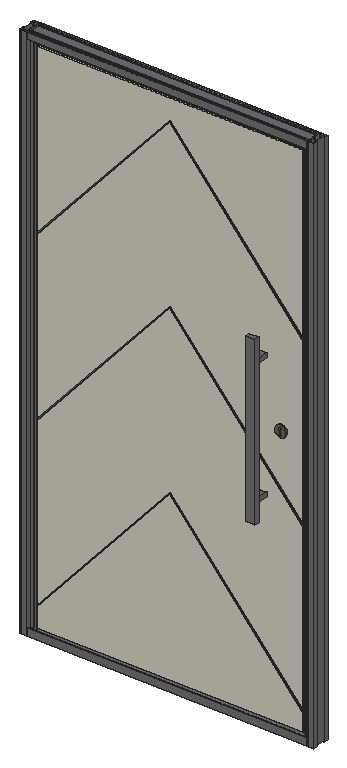
Revit family "YC1324P C1 CHAM LH", category Doors, host Wall, Revit 2024
Family settings
  Host = Wall
  OmniClass Number = 23.30.10.00
  OmniClass Title = Doors
  Always vertical = Yes
  Cut with Voids When Loaded = No
  Shared = No
  Room Calculation Point = No
Parameters
  Function = Interior
  Frame Projection Ext. = 25 mm
  Frame Projection Int. = 25 mm
  Frame Width = 75 mm
  Height = 2380 mm
  Wall Closure = By host
  Width = 1290 mm
  Analytic Construction = "<None>"
Reference planes
  plane 1: y = 0
  plane 2 "Center (Left/Right)": x = 0
  plane 3 "Left": x = -645
  plane 4 "Right": x = 645
  plane 5: z = 2380
  plane 6 "Exterior": y = 75
  plane 7 "Interior": y = -75
  plane 8: z = 33.5
Forms (mm)
  Sweep 1, solid, material "ALUMINIUM CHAR (TEST)"
    path origin (0, 75, 0) x (-1, 0, 0) y (0, 0, -1)
      loop
        line (-601.2, -30) -> (-601.2, -2335) -> (600, -2335) -> (600, -30)
    profile origin (0.6, 75, 2335) x (0, 0, -1) y (0, -1, 0)
      loop
        line (-15, 55) -> (-15, 53) -> (0.5, 53)
        arc (0.5, 53) -> (1.207, 53.293) -> (1.5, 54) r 1
        line (1.5, 54) -> (1.5, 56.1) -> (0.5, 56.1) -> (0.5, 55) -> (-1, 55) -> (-1, 59.5) -> (0.5, 59.5) -> (0.5, 58.369) -> (1.5, 58.369) -> (1.5, 91.631) -> (0.5, 91.631) -> (0.5, 90.5) -> (-1, 90.5) -> (-1, 95) -> (0.5, 95) -> (0.5, 93.9) -> (1.5, 93.9) -> (1.5, 96)
        arc (1.5, 96) -> (1.207, 96.707) -> (0.5, 97) r 1
        line (0.5, 97) -> (-15, 97) -> (-15, 95) -> (-2.8, 95) -> (-2.8, 88.5) -> (-0.5, 88.5) -> (-0.5, 61.5) -> (-2.8, 61.5) -> (-2.8, 55) -> (-15, 55)
  Extrusion 2, solid, material "ALUMINIUM CHAR (TEST)"
    sketch origin (0, 0, 0) x (0, 1, 0) y (0, 0, -1)
      loop
        line (37.5, -2380) -> (37.5, -2350) -> (7.651, -2350) -> (-4.189, -2350) -> (-37.5, -2350) -> (-37.5, -2380) -> (-22, -2380) -> (-22, -2378.5) -> (-24.5, -2378.5) -> (-24.5, -2375.5) -> (24.5, -2375.5) -> (24.5, -2378.5) -> (22, -2378.5) -> (22, -2380) -> (37.5, -2380)
      loop
        line (32.168, -2378.2) -> (35.6, -2378.2) -> (35.6, -2351.8) -> (32.168, -2351.8) -> (30.896, -2353.072) -> (29.5, -2351.676) -> (28, -2353.176) -> (26.624, -2351.8) -> (-19.438, -2351.8) -> (-26.624, -2351.8) -> (-28, -2353.176) -> (-29.5, -2351.676) -> (-30.896, -2353.072) -> (-32.168, -2351.8) -> (-35.6, -2351.8) -> (-35.6, -2378.2) -> (-32.168, -2378.2) -> (-30.896, -2376.928) -> (-29.5, -2378.324) -> (-28, -2376.824) -> (-26.3, -2378.524) -> (-26.3, -2375.8)
        arc (-26.3, -2375.8) -> (-25.685, -2374.315) -> (-24.2, -2373.7) r 2.1
        line (-24.2, -2373.7) -> (24.2, -2373.7)
        arc (24.2, -2373.7) -> (25.685, -2374.315) -> (26.3, -2375.8) r 2.1
        line (26.3, -2375.8) -> (26.3, -2378.524) -> (28, -2376.824) -> (29.5, -2378.324) -> (30.896, -2376.928) -> (32.168, -2378.2)
      loop
        line (37.5, 0) -> (22, 0) -> (22, -1.5) -> (24.5, -1.5) -> (24.5, -4.5) -> (-24.5, -4.5) -> (-24.5, -1.5) -> (-22, -1.5) -> (-22, 0) -> (-37.5, 0) -> (-37.5, -30) -> (-4.189, -30) -> (7.651, -30) -> (37.5, -30) -> (37.5, 0)
      loop
        line (32.168, -1.8) -> (30.896, -3.072) -> (29.5, -1.676) -> (28, -3.176) -> (26.3, -1.476) -> (26.3, -4.2)
        arc (26.3, -4.2) -> (25.685, -5.685) -> (24.2, -6.3) r 2.1
        line (24.2, -6.3) -> (-24.2, -6.3)
        arc (-24.2, -6.3) -> (-25.685, -5.685) -> (-26.3, -4.2) r 2.1
        line (-26.3, -4.2) -> (-26.3, -1.476) -> (-28, -3.176) -> (-29.5, -1.676) -> (-30.896, -3.072) -> (-32.168, -1.8) -> (-35.6, -1.8) -> (-35.6, -28.2) -> (-32.168, -28.2) -> (-30.896, -26.928) -> (-29.5, -28.324) -> (-28, -26.824) -> (-26.624, -28.2) -> (-19.438, -28.2) -> (26.624, -28.2) -> (28, -26.824) -> (29.5, -28.324) -> (30.896, -26.928) -> (32.168, -28.2) -> (35.6, -28.2) -> (35.6, -1.8) -> (32.168, -1.8)
    from -615 to 615
  Extrusion 3, solid, material "ALUMINIUM CHAR (TEST)"
    sketch origin (0, 0, 30) x (-1, 0, 0) y (0, -1, 0)
      loop
        line (598.5, -21) -> (598.5, 23.179)
        arc (598.5, 23.179) -> (598.26, 23.76) -> (597.679, 24) r 0.821
        line (597.679, 24) -> (584.5, 24)
        arc (584.5, 24) -> (583.5, 23) -> (584.5, 22) r 1
        line (584.5, 22) -> (595.679, 22)
        arc (595.679, 22) -> (596.26, 21.76) -> (596.5, 21.179) r 0.821
        line (596.5, 21.179) -> (596.5, -21)
        arc (596.5, -21) -> (597.5, -22) -> (598.5, -21) r 1
      loop
        line (-599.7, 21) -> (-599.7, -23.179)
        arc (-599.7, -23.179) -> (-599.459, -23.76) -> (-598.879, -24) r 0.821
        line (-598.879, -24) -> (-585.7, -24)
        arc (-585.7, -24) -> (-584.7, -23) -> (-585.7, -22) r 1
        line (-585.7, -22) -> (-596.879, -22)
        arc (-596.879, -22) -> (-597.459, -21.76) -> (-597.7, -21.179) r 0.821
        line (-597.7, -21.179) -> (-597.7, 21)
        arc (-597.7, 21) -> (-598.7, 22) -> (-599.7, 21) r 1
    from 0 to 2304.5
  Extrusion 4, solid, material "ALUMINIUM CHAR (TEST)"
    sketch origin (25, 22, 130) x (-1, 0, 0) y (0, 0, -1)
      loop
        line (620, -2199) -> (620, 94) -> (608, 94) -> (608, -2199) -> (620, -2199)
      loop
        line (-570, -2199) -> (-558, -2199) -> (-558, 94) -> (-570, 94) -> (-570, -2199)
    from 0 to 44
  Extrusion 5, solid, material "ALUMINIUM (CHAMPAGNE TEST)"
    sketch origin (25, 22, 130) x (-1, 0, 0) y (0, 0, -1)
      loop
        line (608, -2199) -> (608, 94) -> (-558, 94) -> (-558, -2199) -> (608, -2199)
    from 0 to 4
  Extrusion 6, solid, material "ALUMINIUM (CHAMPAGNE TEST)"
    sketch origin (25, -22, 130) x (-1, 0, 0) y (0, 0, 1)
      loop
        line (608, 2199) -> (-558, 2199) -> (-558, -94) -> (608, -94) -> (608, 2199)
    from 0 to 4
  Extrusion 7, solid, material "ALUMINIUM CHAR (TEST)"
    sketch origin (0, 0, 0) x (0, -1, 0) y (-1, 0, 0)
      loop
        line (-37.5, -645) -> (-22, -645) -> (-22, -643.5) -> (-24.5, -643.5) -> (-24.5, -640.5) -> (24.5, -640.5) -> (24.5, -643.5) -> (22, -643.5) -> (22, -645) -> (37.5, -645) -> (37.5, -615) -> (17, -615) -> (17, -615.993) -> (18.496, -616.394) -> (18.496, -617.6) -> (0.254, -617.6) -> (0.254, -616.306) -> (3, -616.066) -> (3, -615) -> (-37.5, -615) -> (-37.5, -645)
      loop
        line (-26.624, -616.8) -> (-28, -618.176) -> (-29.5, -616.676) -> (-30.896, -618.072) -> (-32.168, -616.8) -> (-35.6, -616.8) -> (-35.6, -643.2) -> (-32.168, -643.2) -> (-30.896, -641.928) -> (-29.5, -643.324) -> (-28, -641.824) -> (-26.3, -643.524) -> (-26.3, -640.8)
        arc (-26.3, -640.8) -> (-25.685, -639.315) -> (-24.2, -638.7) r 2.1
        line (-24.2, -638.7) -> (24.2, -638.7)
        arc (24.2, -638.7) -> (25.685, -639.315) -> (26.3, -640.8) r 2.1
        line (26.3, -640.8) -> (26.3, -643.524) -> (28, -641.824) -> (29.5, -643.324) -> (30.896, -641.928) -> (32.168, -643.2) -> (35.6, -643.2) -> (35.6, -616.8) -> (32.168, -616.8) -> (30.896, -618.072) -> (29.5, -616.676) -> (28, -618.176) -> (26.624, -616.8) -> (20.239, -616.8)
        arc (20.239, -616.8) -> (19.852, -618.596) -> (18.2, -619.4) r 2.1
        line (18.2, -619.4) -> (0.55, -619.4)
        arc (0.55, -619.4) -> (-1.102, -618.596) -> (-1.49, -616.8) r 2.1
        line (-1.49, -616.8) -> (-26.624, -616.8)
      loop
        line (-37.5, 645) -> (-37.5, 615) -> (3, 615) -> (3, 616.066) -> (0.254, 616.306) -> (0.254, 617.6) -> (18.496, 617.6) -> (18.496, 616.394) -> (17, 615.993) -> (17, 615) -> (37.5, 615) -> (37.5, 645) -> (22, 645) -> (22, 643.5) -> (24.5, 643.5) -> (24.5, 640.5) -> (-24.5, 640.5) -> (-24.5, 643.5) -> (-22, 643.5) -> (-22, 645) -> (-37.5, 645)
      loop
        line (-26.624, 616.8) -> (-1.49, 616.8)
        arc (-1.49, 616.8) -> (-1.102, 618.596) -> (0.55, 619.4) r 2.1
        line (0.55, 619.4) -> (18.2, 619.4)
        arc (18.2, 619.4) -> (19.852, 618.596) -> (20.239, 616.8) r 2.1
        line (20.239, 616.8) -> (26.624, 616.8) -> (28, 618.176) -> (29.5, 616.676) -> (30.896, 618.072) -> (32.168, 616.8) -> (35.6, 616.8) -> (35.6, 643.2) -> (32.168, 643.2) -> (30.896, 641.928) -> (29.5, 643.324) -> (28, 641.824) -> (26.3, 643.524) -> (26.3, 640.8)
        arc (26.3, 640.8) -> (25.685, 639.315) -> (24.2, 638.7) r 2.1
        line (24.2, 638.7) -> (-24.2, 638.7)
        arc (-24.2, 638.7) -> (-25.685, 639.315) -> (-26.3, 640.8) r 2.1
        line (-26.3, 640.8) -> (-26.3, 643.524) -> (-28, 641.824) -> (-29.5, 643.324) -> (-30.896, 641.928) -> (-32.168, 643.2) -> (-35.6, 643.2) -> (-35.6, 616.8) -> (-32.168, 616.8) -> (-30.896, 618.072) -> (-29.5, 616.676) -> (-28, 618.176) -> (-26.624, 616.8)
    from -2380 to 0
  Extrusion 8, solid, material "ALUMINIUM BLACK (TEST)"
    sketch origin (-405.722, 27.873, 54.377) x (-1, 0, 0) y (0, 0, -1)
      loop
        circle (-896.954, -1135.623) r 25
    from 0 to 5
  Extrusion 9, solid, material "ALUMINIUM BLACK (TEST)"
    sketch origin (-405.722, -27.873, 54.377) x (-1, 0, 0) y (0, 0, 1)
      loop
        circle (-896.954, 1135.623) r 25
    from 0 to 5
  Extrusion 10, void
    sketch origin (-140.5, 67.873, 54.377) x (-1, 0, 0) y (0, 0, -1)
      loop
        line (-634.732, -1122.18) -> (-634.732, -1136.773)
        arc (-634.732, -1136.773) -> (-631.732, -1150.865) -> (-628.732, -1136.773) r 7.365
        line (-628.732, -1136.773) -> (-628.732, -1122.18)
        arc (-628.732, -1122.18) -> (-631.732, -1119.18) -> (-634.732, -1122.18) r 3
    from 40 to 45
  Extrusion 11, void
    sketch origin (-140.5, -67.873, 54.377) x (-1, 0, 0) y (0, 0, 1)
      loop
        arc (-634.732, 1122.18) -> (-631.732, 1119.18) -> (-628.732, 1122.18) r 3
        line (-628.732, 1122.18) -> (-628.732, 1136.773)
        arc (-628.732, 1136.773) -> (-631.732, 1150.865) -> (-634.732, 1136.773) r 7.365
        line (-634.732, 1136.773) -> (-634.732, 1122.18)
    from 40 to 45
  Extrusion 12, solid, material "ALUMINIUM BLACK (TEST)"
    sketch origin (1029.106, 22.873, 455.989) x (0.515678, 0, 0.856782) y (-0.856782, 0, 0.515678)
      loop
        line (-1114.914, 1210.54) -> (-1120.038, 1207.456) -> (-264.202, 1042.111) -> (-518.757, 208.448) -> (-513.633, 211.532) -> (-259.078, 1045.195) -> (-1114.914, 1210.54)
      loop
        line (-486.892, 1588.532) -> (-492.016, 1585.448) -> (363.819, 1420.104) -> (109.265, 586.44) -> (114.389, 589.524) -> (368.943, 1423.188) -> (-486.892, 1588.532)
      loop
        line (141.129, 1966.524) -> (136.005, 1963.44) -> (991.84, 1798.096) -> (737.286, 964.432) -> (742.41, 967.516) -> (996.964, 1801.18) -> (141.129, 1966.524)
    from 0 to 0.873
  Extrusion 13, solid, material "ALUMINIUM CHAR (TEST)"
    sketch origin (1264.348, 72.873, -150) x (1, 0, 0) y (0, 0, 1)
      loop
        line (-878.538, 1625) -> (-878.538, 1605) -> (-838.538, 1605) -> (-838.538, 1625) -> (-878.538, 1625)
      loop
        line (-878.538, 1055) -> (-838.538, 1055) -> (-838.538, 1075) -> (-878.538, 1075) -> (-878.538, 1055)
    from 5 to 50
  Extrusion 14, solid, material "ALUMINIUM CHAR (TEST)"
    sketch origin (1264.348, -72.873, -150) x (1, 0, 0) y (0, 0, -1)
      loop
        line (-878.538, -1625) -> (-838.538, -1625) -> (-838.538, -1605) -> (-878.538, -1605) -> (-878.538, -1625)
      loop
        line (-878.538, -1055) -> (-878.538, -1075) -> (-838.538, -1075) -> (-838.538, -1055) -> (-878.538, -1055)
    from 5 to 50
  Extrusion 15, solid, material "ALUMINIUM CHAR (TEST)"
    sketch origin (-14.789, 87.873, 225) x (-1, 0, 0) y (0, 0, -1)
      loop
        line (-400.6, -600) -> (-440.6, -600) -> (-440.6, -1330) -> (-400.6, -1330) -> (-400.6, -600)
    from 0 to 20
  Extrusion 16, solid, material "ALUMINIUM BLACK (TEST)"
    sketch origin (1029.106, -22.873, 455.989) x (0.515678, 0, 0.856782) y (0.856782, 0, -0.515678)
      loop
        line (-1114.914, -1210.54) -> (-259.078, -1045.195) -> (-513.633, -211.532) -> (-518.757, -208.448) -> (-264.202, -1042.111) -> (-1120.038, -1207.456) -> (-1114.914, -1210.54)
      loop
        line (-486.892, -1588.532) -> (368.943, -1423.188) -> (114.389, -589.524) -> (109.265, -586.44) -> (363.819, -1420.104) -> (-492.016, -1585.448) -> (-486.892, -1588.532)
      loop
        line (141.129, -1966.524) -> (996.964, -1801.18) -> (742.41, -967.516) -> (737.286, -964.432) -> (991.84, -1798.096) -> (136.005, -1963.44) -> (141.129, -1966.524)
    from 0 to 0.873
  Extrusion 17, solid, material "ALUMINIUM CHAR (TEST)"
    sketch origin (-14.789, -87.873, 225) x (-1, 0, 0) y (0, 0, 1)
      loop
        line (-400.6, 600) -> (-400.6, 1330) -> (-440.6, 1330) -> (-440.6, 600) -> (-400.6, 600)
    from 0 to 20
Cuts and joins
  Extrusion 10 cuts Extrusion 8
  Extrusion 11 cuts Extrusion 9
Lines and regions (mm)
  Opening 1
    outline origin (-5000, 75, 0) x (-1, 0, 0) y (0, 0, 1)
      loop
        line (-5645, 0) -> (-4355, 0) -> (-4355, 2380) -> (-5645, 2380) -> (-5645, 0)
  model lines
    curve 1: line (602.851, 22.5, 0) -> (-602.851, 22.5, 0)
    curve 2: line (603, -13, 0) -> (-603, -13, 0)
    curve 8: line (-300, -22.5, 0) -> (-300, -925.5, 0)
    curve 9: arc (603, -22.5, 0) -> (338.517, -661.017, 0) -> (-300, -925.5, 0) r 903
    curve 10: line (-300, 13, 0) -> (-300, 316, 0)
    curve 11: arc (-300, 316, 0) -> (-514.253, 227.253, 0) -> (-603, 13, 0) r 303
  symbolic lines, style "Elevation Swing"
    curve 3: line (615, -75, 1190) -> (-300, -75, 2338)
    curve 4: line (615, -75, 1190) -> (-300, -75, 0)
    curve 5: line (-603, -75, 1185) -> (-300, -75, 2338)
    curve 6: line (-603, -75, 1185) -> (-300, -75, 0)
  model lines, style "Elevation Swing"
    curve 7: line (-300, 0, 0) -> (-300, 0, 2338)
Text (mm)
  text "Exterior" at (-2295.016, 1099.543, 0), in view "Ref. Level"
  text "Exterior" at (0, 1615.38, 3698.081), in view "Left"
  text "Exterior" at (0, 1036.032, 3874.932), in view "Right"
Dimensions and locks
  equal spacing: plane 3 "Left", plane 2 "Center (Left/Right)", plane 4 "Right"
  "Width": plane 3 "Left" to plane 4 "Right"
  "Height": plane 5 to host wall
  host wall to plane 5 = 2380 mm  (x2)
  locked: plane 6 "Exterior" to host wall
  locked: plane 7 "Interior" to host wall
  plane 3 "Left" to plane 4 "Right" = 1290 mm  (x2)
  aligned and locked: plane 1 to host wall
  aligned and locked: Opening 1 sketch curve to level
Automatic sketch dimensions
  curve 7 to level = 0 mm
  plane 5 to curve 7 = 42 mm
  curve 7 to plane 2 "Center (Left/Right)" = 300 mm
  curve 4 to level = 0 mm
  curve 6 to plane 3 "Left" = 42 mm
  curve 4 to plane 2 "Center (Left/Right)" = 300 mm
  plane 5 to curve 3 = 42 mm
  curve 3 to plane 2 "Center (Left/Right)" = 300 mm
  plane 4 "Right" to curve 4 = 30 mm
  plane 8 to curve 5 = 1151.5 mm
  plane 8 to curve 4 = 1156.5 mm
  curve 8 to plane 2 "Center (Left/Right)" = 300 mm
  host wall to curve 10 = 241 mm
  curve 10 to plane 2 "Center (Left/Right)" = 300 mm
  curve 11 to host wall = 13 mm
  host wall to curve 9 = 22.5 mm
  host wall to curve 8 = 850.5 mm
  curve 11 to curve 1 = 0.149 mm
  host wall to curve 2 = 13 mm
  curve 2 to curve 11 = 0 mm
  plane 4 "Right" to curve 1 = 42.149 mm
  curve 2 to curve 9 = 0 mm
  curve 10 to curve 11 = 0 mm
  curve 8 to curve 9 = 0 mm
  plane 4 "Right" to Opening 1 sketch curve = 0 mm
  plane 3 "Left" to Opening 1 sketch curve = 0 mm
  Opening 1 sketch curve to plane 5 = 0 mm
  plane 4 "Right" to Sweep 1 sketch curve = 43.8 mm
  Sweep 1 sketch curve to plane 3 "Left" = 45 mm
  plane 5 to Sweep 1 sketch curve = 45 mm
  Sweep 1 sketch curve to plane 8 = 3.5 mm  (x2)
  profile plane to Sweep 1 sketch curve = 15 mm  (x2)
  profile plane to Sweep 1 sketch curve = 2.8 mm  (x2)
  profile plane to Sweep 1 sketch curve = 1 mm  (x2)
  profile plane to Sweep 1 sketch curve = 0.5 mm
  Sweep 1 sketch curve to profile plane = 0.5 mm  (x6)
  Sweep 1 sketch curve to Sweep 1 sketch curve = 1 mm  (x6)
  profile plane to Sweep 1 sketch curve = 53 mm
  Sweep 1 sketch curve to Sweep 1 sketch curve = 1.1 mm  (x2)
  Sweep 1 sketch curve to Sweep 1 sketch curve = 2.269 mm  (x2)
  Sweep 1 sketch curve to Sweep 1 sketch curve = 1.131 mm  (x2)
  Sweep 1 sketch curve to Sweep 1 sketch curve = 2 mm  (x2)
  Sweep 1 sketch curve to Sweep 1 sketch curve = 27 mm
  Sweep 1 sketch curve to Sweep 1 sketch curve = 6.5 mm
  Extrusion 2 sketch curve to level = 0 mm  (x2)
  plane 5 to Extrusion 2 sketch curve = 0 mm  (x2)
  host wall to Extrusion 2 sketch curve = 37.5 mm  (x2)
  Extrusion 2 sketch curve to plane 8 = 3.5 mm
  Extrusion 2 sketch curve to Extrusion 2 sketch curve = 1.9 mm  (x4)
  Extrusion 2 sketch curve to Extrusion 2 sketch curve = 3.432 mm  (x6)
  Extrusion 2 sketch curve to plane 8 = 5.3 mm  (x2)
  plane 5 to Extrusion 2 sketch curve = 3.072 mm  (x2)
  Extrusion 2 sketch curve to Extrusion 2 sketch curve = 1.272 mm  (x10)
  Extrusion 2 sketch curve to plane 8 = 6.572 mm  (x2)
  level to Extrusion 2 sketch curve = 3.072 mm  (x2)
  Extrusion 2 sketch curve to Extrusion 2 sketch curve = 1.396 mm  (x7)
  Extrusion 2 sketch curve to plane 8 = 5.176 mm  (x2)
  plane 5 to Extrusion 2 sketch curve = 1.676 mm  (x2)
  level to Extrusion 2 sketch curve = 1.676 mm  (x2)
  plane 5 to Extrusion 2 sketch curve = 3.176 mm  (x2)
  Extrusion 2 sketch curve to Extrusion 2 sketch curve = 1.5 mm  (x4)
  level to Extrusion 2 sketch curve = 3.176 mm  (x2)
  Extrusion 2 sketch curve to plane 8 = 6.676 mm  (x2)
  Extrusion 2 sketch curve to Extrusion 2 sketch curve = 1.376 mm  (x4)
  Extrusion 2 sketch curve to Extrusion 2 sketch curve = 1.7 mm  (x4)
  Extrusion 2 sketch curve to Extrusion 2 sketch curve = 1.8 mm  (x5)
  Extrusion 2 sketch curve to Extrusion 2 sketch curve = 0.3 mm  (x6)
  Extrusion 2 sketch curve to Extrusion 2 sketch curve = 2.5 mm  (x2)
  Extrusion 2 sketch curve to Extrusion 2 sketch curve = 7.186 mm  (x2)
  host wall to Extrusion 2 sketch curve = 4.189 mm  (x2)
  Extrusion 2 sketch curve to host wall = 7.651 mm  (x2)
  level to Extrusion 2 sketch curve = 1.5 mm  (x2)
  Extrusion 2 sketch curve to host wall = 22 mm  (x2)
  Extrusion 2 sketch curve to Extrusion 2 sketch curve = 2.2 mm  (x2)
  plane 5 to Extrusion 2 sketch curve = 1.476 mm
  level to Extrusion 2 sketch curve = 1.476 mm
  Extrusion 2 sketch curve to Extrusion 2 sketch curve = 18.973 mm  (x2)
  plane 5 to Extrusion 2 sketch curve = 1.5 mm  (x2)
  Extrusion 2 sketch curve to Extrusion 2 sketch curve = 2.7 mm
  Extrusion 2 sketch curve to Extrusion 2 sketch curve = 20.524 mm  (x2)
  Extrusion 2 sketch curve to Extrusion 2 sketch curve = 0.104 mm  (x2)
  Extrusion 2 sketch curve to Extrusion 2 sketch curve = 3.124 mm
  plane 4 "Right" to Extrusion 3 sketch curve = 45.3 mm
  Extrusion 3 sketch curve to Extrusion 3 sketch curve = 0.821 mm  (x4)
  Extrusion 3 sketch curve to Extrusion 3 sketch curve = 1 mm  (x4)
  Extrusion 3 sketch curve to Extrusion 3 sketch curve = 11.179 mm  (x2)
  host wall to Extrusion 3 sketch curve = 24 mm
  Extrusion 3 sketch curve to plane 3 "Left" = 60.5 mm
  host wall to Extrusion 3 sketch curve = 21 mm
  Extrusion 3 sketch curve to host wall = 21 mm
  Extrusion 3 sketch curve to host wall = 21.179 mm
  plane 4 "Right" to Extrusion 4 sketch curve = 50 mm
  plane 8 to Extrusion 4 sketch curve = 2.5 mm  (x2)
  Extrusion 4 sketch curve to Extrusion 4 sketch curve = 12 mm  (x2)
  Extrusion 4 sketch curve to plane 3 "Left" = 62 mm
  plane 5 to Extrusion 4 sketch curve = 51 mm  (x2)
  plane 4 "Right" to Extrusion 5 sketch curve = 62 mm
  plane 8 to Extrusion 5 sketch curve = 2.5 mm
  Extrusion 5 sketch curve to plane 3 "Left" = 62 mm
  plane 5 to Extrusion 5 sketch curve = 51 mm
  plane 4 "Right" to Extrusion 6 sketch curve = 62 mm
  plane 8 to Extrusion 6 sketch curve = 2.5 mm
  Extrusion 6 sketch curve to plane 3 "Left" = 62 mm
  plane 5 to Extrusion 6 sketch curve = 51 mm
  Extrusion 7 sketch curve to plane 4 "Right" = 0 mm  (x2)
  Extrusion 7 sketch curve to plane 3 "Left" = 0 mm  (x2)
  Extrusion 7 sketch curve to host wall = 37.5 mm  (x2)
  Extrusion 7 sketch curve to Extrusion 7 sketch curve = 1.9 mm  (x4)
  Extrusion 7 sketch curve to Extrusion 7 sketch curve = 3.432 mm  (x6)
  Extrusion 7 sketch curve to Extrusion 7 sketch curve = 1.272 mm  (x10)
  Extrusion 7 sketch curve to plane 3 "Left" = 3.072 mm  (x2)
  plane 4 "Right" to Extrusion 7 sketch curve = 3.072 mm  (x2)
  plane 4 "Right" to Extrusion 7 sketch curve = 1.676 mm  (x2)
  Extrusion 7 sketch curve to Extrusion 7 sketch curve = 1.396 mm  (x8)
  Extrusion 7 sketch curve to plane 3 "Left" = 1.676 mm  (x2)
  Extrusion 7 sketch curve to Extrusion 7 sketch curve = 1.5 mm  (x7)
  Extrusion 7 sketch curve to plane 3 "Left" = 3.176 mm  (x2)
  plane 4 "Right" to Extrusion 7 sketch curve = 3.176 mm  (x2)
  Extrusion 7 sketch curve to Extrusion 7 sketch curve = 1.376 mm  (x4)
  Extrusion 7 sketch curve to Extrusion 7 sketch curve = 1.7 mm  (x4)
  Extrusion 7 sketch curve to Extrusion 7 sketch curve = 1.8 mm  (x7)
  Extrusion 7 sketch curve to Extrusion 7 sketch curve = 0.3 mm  (x8)
  Extrusion 7 sketch curve to Extrusion 7 sketch curve = 2.5 mm  (x3)
  Extrusion 7 sketch curve to host wall = 1.49 mm  (x2)
  host wall to Extrusion 7 sketch curve = 0.254 mm  (x2)
  Extrusion 7 sketch curve to Extrusion 7 sketch curve = 0.296 mm  (x4)
  Extrusion 7 sketch curve to Extrusion 7 sketch curve = 2.45 mm  (x2)
  Extrusion 7 sketch curve to Extrusion 7 sketch curve = 14 mm  (x2)
  Extrusion 7 sketch curve to Extrusion 7 sketch curve = 1.2 mm  (x2)
  Extrusion 7 sketch curve to Extrusion 7 sketch curve = 1.744 mm  (x2)
  Extrusion 7 sketch curve to plane 3 "Left" = 1.5 mm  (x2)
  host wall to Extrusion 7 sketch curve = 22 mm  (x2)
  plane 4 "Right" to Extrusion 7 sketch curve = 1.5 mm  (x2)
  Extrusion 7 sketch curve to Extrusion 7 sketch curve = 2.2 mm  (x2)
  plane 4 "Right" to Extrusion 7 sketch curve = 1.476 mm
  Extrusion 7 sketch curve to Extrusion 7 sketch curve = 6.385 mm  (x2)
  plane 4 "Right" to Extrusion 7 sketch curve = 1.8 mm
  Extrusion 7 sketch curve to plane 3 "Left" = 1.8 mm
  Extrusion 7 sketch curve to Extrusion 7 sketch curve = 2.7 mm
  Extrusion 7 sketch curve to Extrusion 7 sketch curve = 19.3 mm
  Extrusion 7 sketch curve to Extrusion 7 sketch curve = 20.524 mm
  Extrusion 7 sketch curve to Extrusion 7 sketch curve = 1.224 mm
  Extrusion 7 sketch curve to Extrusion 7 sketch curve = 0.104 mm  (x2)
  Extrusion 7 sketch curve to Extrusion 7 sketch curve = 0.906 mm  (x2)
  Extrusion 7 sketch curve to Extrusion 7 sketch curve = 0.994 mm
  Extrusion 7 sketch curve to Extrusion 7 sketch curve = 1.234 mm
  Extrusion 7 sketch curve to Extrusion 7 sketch curve = 0.401 mm  (x2)
  Extrusion 7 sketch curve to Extrusion 7 sketch curve = 28.5 mm
  Extrusion 7 sketch curve to Extrusion 7 sketch curve = 0 mm
  Extrusion 7 sketch curve to Extrusion 7 sketch curve = 0.993 mm
  Extrusion 7 sketch curve to Extrusion 7 sketch curve = 1.066 mm
  Extrusion 7 sketch curve to Extrusion 7 sketch curve = 0.24 mm
  Extrusion 7 sketch curve to Extrusion 7 sketch curve = 1.676 mm  (x2)
  Extrusion 7 sketch curve to Extrusion 7 sketch curve = 0.124 mm
  Extrusion 7 sketch curve to Extrusion 7 sketch curve = 0.406 mm
  Extrusion 7 sketch curve to Extrusion 7 sketch curve = 3.124 mm
  plane 4 "Right" to Extrusion 8 sketch curve = 153.768 mm
  plane 8 to Extrusion 8 sketch curve = 1156.5 mm
  plane 4 "Right" to Extrusion 9 sketch curve = 153.768 mm
  plane 8 to Extrusion 9 sketch curve = 1156.5 mm
  plane 4 "Right" to Extrusion 10 sketch curve = 150.768 mm
  Extrusion 10 sketch curve to Extrusion 10 sketch curve = 3 mm  (x2)
  plane 8 to Extrusion 10 sketch curve = 1164.377 mm
  Extrusion 10 sketch curve to Extrusion 10 sketch curve = 6.726 mm
  Extrusion 10 sketch curve to Extrusion 10 sketch curve = 14.593 mm
  plane 4 "Right" to Extrusion 11 sketch curve = 150.768 mm
  Extrusion 11 sketch curve to Extrusion 11 sketch curve = 3 mm  (x2)
  plane 8 to Extrusion 11 sketch curve = 1143.058 mm
  Extrusion 11 sketch curve to Extrusion 11 sketch curve = 14.593 mm
  Extrusion 11 sketch curve to Extrusion 11 sketch curve = 6.726 mm
  Extrusion 12 sketch curve to plane 2 "Center (Left/Right)" = 0 mm  (x6)
  Extrusion 12 sketch curve to plane 3 "Left" = 62 mm
  plane 8 to Extrusion 12 sketch curve = 85.519 mm
  Extrusion 12 sketch curve to Extrusion 12 sketch curve = 5.124 mm  (x9)
  Extrusion 12 sketch curve to Extrusion 12 sketch curve = 601.281 mm
  Extrusion 12 sketch curve to Extrusion 12 sketch curve = 622.897 mm  (x3)
  Extrusion 12 sketch curve to Extrusion 12 sketch curve = 227.814 mm  (x2)
  Extrusion 12 sketch curve to Extrusion 12 sketch curve = 368.343 mm  (x2)
  Extrusion 12 sketch curve to Extrusion 12 sketch curve = 455.671 mm  (x2)
  Extrusion 12 sketch curve to Extrusion 12 sketch curve = 3.084 mm  (x6)
  Extrusion 12 sketch curve to Extrusion 12 sketch curve = 374.908 mm
  Extrusion 12 sketch curve to Extrusion 12 sketch curve = 540.253 mm  (x2)
  plane 4 "Right" to Extrusion 13 sketch curve = 259.19 mm  (x2)
  Extrusion 13 sketch curve to Extrusion 13 sketch curve = 40 mm  (x2)
  plane 8 to Extrusion 13 sketch curve = 871.5 mm
  Extrusion 13 sketch curve to Extrusion 13 sketch curve = 20 mm  (x2)
  Extrusion 13 sketch curve to Extrusion 13 sketch curve = 530 mm
  plane 4 "Right" to Extrusion 14 sketch curve = 259.19 mm  (x2)
  Extrusion 14 sketch curve to Extrusion 14 sketch curve = 40 mm  (x2)
  plane 5 to Extrusion 14 sketch curve = 905 mm
  Extrusion 14 sketch curve to Extrusion 14 sketch curve = 20 mm  (x2)
  Extrusion 14 sketch curve to Extrusion 14 sketch curve = 530 mm
  plane 4 "Right" to Extrusion 15 sketch curve = 219.19 mm
  Extrusion 15 sketch curve to Extrusion 15 sketch curve = 40 mm
  plane 5 to Extrusion 15 sketch curve = 825 mm
  Extrusion 15 sketch curve to Extrusion 15 sketch curve = 730 mm
  Extrusion 16 sketch curve to plane 2 "Center (Left/Right)" = 0 mm  (x6)
  Extrusion 16 sketch curve to plane 3 "Left" = 62 mm
  plane 8 to Extrusion 16 sketch curve = 85.519 mm
  Extrusion 16 sketch curve to Extrusion 16 sketch curve = 5.124 mm  (x9)
  Extrusion 16 sketch curve to Extrusion 16 sketch curve = 601.281 mm
  Extrusion 16 sketch curve to Extrusion 16 sketch curve = 622.897 mm  (x3)
  Extrusion 16 sketch curve to Extrusion 16 sketch curve = 227.814 mm  (x2)
  Extrusion 16 sketch curve to Extrusion 16 sketch curve = 368.343 mm  (x2)
  Extrusion 16 sketch curve to Extrusion 16 sketch curve = 540.253 mm
  Extrusion 16 sketch curve to Extrusion 16 sketch curve = 3.084 mm  (x6)
  Extrusion 16 sketch curve to Extrusion 16 sketch curve = 543.337 mm
  Extrusion 16 sketch curve to Extrusion 16 sketch curve = 455.671 mm  (x2)
  Extrusion 16 sketch curve to Extrusion 16 sketch curve = 374.908 mm
  plane 4 "Right" to Extrusion 17 sketch curve = 219.19 mm
  Extrusion 17 sketch curve to Extrusion 17 sketch curve = 40 mm
  plane 8 to Extrusion 17 sketch curve = 791.5 mm
  Extrusion 17 sketch curve to Extrusion 17 sketch curve = 730 mm
  radius of Extrusion 8 sketch curve = 25 mm
  radius of Extrusion 9 sketch curve = 25 mm
